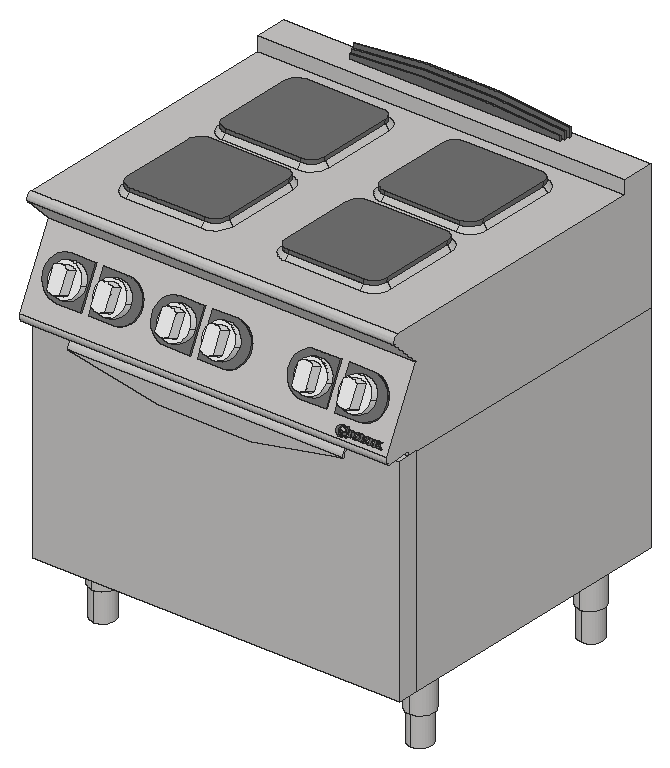
Revit family "QF_GIORIK_CE74QE", category Specialty Equipment, Revit 2014
Parameters (values of type "CE74QE")
  Weight in Pounds = 286.6006
  Watts = 16400 W
  Volts = 400 V
  URL Cutsheet = "www.giorik.com"
  URL = "www.giorik.com"
  Status [instance] = ""
  Specification by User [instance] = ""
  Specification by Manufacturer = ""
  Show Logo [instance] = yes
  Show Clearance [instance] = yes
  Serial Number = ""
  Seismic Rating = ""
  SMACNA No = ""
  Revision Code [instance] = ""
  Phase = 3
  Number of Poles [instance] = 3
  NAFEM Spec ID Number = ""
  Model = "CE74QE"
  Min Ckt Ampacity = 0 A
  Max Overcurrent Protection = 0 A
  Masterspec = ""
  Manufacturer = "GIORIK"
  Item Number [instance] = ""
  Installed By [instance] = ""
  Identify Quantity as Lot [instance] = no
  HP = "21.992728000000"
  Furnished By [instance] = ""
  Foodservice Equipment Identifier [instance] = yes
  FL Amps = 0 A
  Electrical Remarks [instance] = ""
  Electric Connection Type [instance] = ""
  Elec Conn RI Height [instance] = 0 mm
  Elec Conn Connection Height [instance] = 150 mm
  Description = "4 ELECTRIC SQUARE PLATE HOB ON ELECTRIC OVEN"
  Cycle = 50 Hz
  Conn Plug = ""
  CSI MasterFormat = ""
  Assembly Code = "E1090320"
  Apparent Power = 16400 VA
Reference planes
  plane 1 "Back": y = 0
  plane 2: z = 0
  plane 3 "Left": x = 0
  plane 4 "Right": x = 800
  plane 5 "Front": y = -720
  plane 6 "Top": z = 900
Forms (mm)
  Extrusion 1, solid, visible <- "Show Logo"
    sketch origin (591.604, -736.761, 609.486) x (-1, 0, 0) y (0, 0.452718, 0.891654)
      loop
        line (-118.824, 58.358) -> (-127.804, 58.358) -> (-125.523, 56.445) -> (-125.523, 48.027) -> (-127.804, 46.113) -> (-118.824, 46.113) -> (-121.105, 48.027) -> (-121.105, 56.445) -> (-118.824, 58.358)
      loop
        line (-163.721, 58.358) -> (-172.7, 58.358) -> (-170.42, 56.445) -> (-170.42, 48.027) -> (-172.7, 46.113) -> (-163.721, 46.113) -> (-166.001, 48.027) -> (-166.001, 56.445) -> (-163.721, 58.358)
      loop
        line (-174.332, 58.358) -> (-183.312, 58.358) -> (-181.031, 56.445) -> (-181.031, 52.435) -> (-186.419, 56.955) -> (-184.416, 58.358) -> (-191.268, 58.358) -> (-188.01, 56.839) -> (-185.455, 54.283) -> (-190.846, 47.858) -> (-193.396, 46.93) -> (-193.396, 46.113) -> (-184.416, 46.113) -> (-185.437, 47.571) -> (-182.443, 51.552) -> (-181.031, 50.894) -> (-181.031, 48.027) -> (-183.312, 46.113) -> (-174.332, 46.113) -> (-176.613, 48.027) -> (-176.613, 56.445) -> (-174.332, 58.358)
      loop
        line (-115.429, 62.063) -> (-115.429, 54.198)
        arc (-115.429, 54.198) -> (-111.618, 57.803) -> (-106.847, 59.986) r 16.039
        arc (-106.847, 59.986) -> (-103.314, 59.837) -> (-100.512, 57.68) r 5.851
        arc (-100.512, 57.68) -> (-98.815, 52.267) -> (-100.512, 46.853) r 9.479
        arc (-100.512, 46.853) -> (-102.406, 44.986) -> (-104.846, 43.93) r 7.236
        arc (-104.846, 43.93) -> (-107.728, 44.111) -> (-110.052, 45.825) r 5.11
        line (-110.052, 45.825) -> (-110.052, 52.001) -> (-116.141, 52.001) -> (-116.141, 45.503) -> (-117.893, 43.751) -> (-114.094, 44.769)
        arc (-114.094, 44.769) -> (-112.56, 44.947) -> (-111.129, 44.366) r 3.115
        arc (-111.129, 44.366) -> (-104.216, 42.091) -> (-97.303, 44.366) r 11.641
        arc (-97.303, 44.366) -> (-93.396, 52.107) -> (-97.303, 59.849) r 9.622
        arc (-97.303, 59.849) -> (-104.369, 62.174) -> (-111.435, 59.849) r 11.898
        line (-111.435, 59.849) -> (-115.429, 62.063)
      loop
        arc (-129.234, 56.068) -> (-135.893, 58.628) -> (-142.552, 56.068) r 9.941
        arc (-142.552, 56.068) -> (-144.234, 52.286) -> (-142.552, 48.505) r 5.093
        arc (-142.552, 48.505) -> (-135.893, 45.945) -> (-129.234, 48.505) r 9.941
        arc (-129.234, 48.505) -> (-127.552, 52.286) -> (-129.234, 56.068) r 5.093
      loop
        arc (-132.628, 54.403) -> (-135.893, 57.668) -> (-139.158, 54.403) r 3.265
        line (-139.158, 54.403) -> (-139.158, 50.169)
        arc (-139.158, 50.169) -> (-135.893, 46.904) -> (-132.628, 50.169) r 3.265
        line (-132.628, 50.169) -> (-132.628, 54.403)
      loop
        arc (-156.363, 58.365) -> (-159.647, 55.081) -> (-156.363, 51.796) r 3.285
        line (-156.363, 51.796) -> (-159.529, 47.306) -> (-162.087, 46.113) -> (-155.847, 46.113) -> (-153.529, 51.083) -> (-150.637, 51.083) -> (-150.637, 47.784) -> (-153.022, 46.113) -> (-144.011, 46.113) -> (-146.094, 47.68) -> (-146.094, 56.493) -> (-144.229, 58.365) -> (-156.363, 58.365)
      loop
        line (-150.637, 57.512) -> (-153.637, 57.512)
        arc (-153.637, 57.512) -> (-156.237, 54.912) -> (-153.637, 52.312) r 2.6
        line (-153.637, 52.312) -> (-150.637, 52.312) -> (-150.637, 57.512)
      loop
        line (-108.924, 52.001) -> (-104.936, 49.005) -> (-100.948, 52.001) -> (-108.924, 52.001)
    from 1.5 to -0.5
  Extrusion 2, solid
    sketch origin (-16, 1025.81, 0) x (1, 0, 0) y (0, 1, 0)
      loop
        line (25, -1086.81) -> (25, -1156.81) -> (115, -1156.81) -> (115, -1086.81) -> (25, -1086.81)
    from 148 to 150
  Extrusion 3, solid
    sketch origin (-4, 0, 130) x (1, 0, 0) y (0, 1, 0)
      loop
        circle (54, -385) r 12.5
    from 0 to 20
  Extrusion 4, solid
    sketch origin (0, 1000, -20) x (0, 1, 0) y (0, 0, 1)
      loop
        line (-1000, 919.988) -> (-1070, 919.988) -> (-1070, 889.988) -> (-1688.806, 889.988)
        arc (-1688.806, 889.988) -> (-1699.151, 883.075) -> (-1696.724, 870.873) r 11.197
        line (-1696.724, 870.873) -> (-1640.876, 815.025) -> (-1718.948, 661.258)
        arc (-1718.948, 661.258) -> (-1718.233, 650.105) -> (-1708.118, 645.354) r 10.981
        line (-1708.118, 645.354) -> (-1660, 649.925) -> (-1660, 640) -> (-1000, 640) -> (-1000, 919.988)
    from 0 to 800
  Extrusion 5, solid
    sketch origin (0, 0, 599.536) x (1, 0, 0) y (0, 1, 0)
      loop
        line (0, -640) -> (40, -640) -> (40, -40) -> (760, -40) -> (760, -640) -> (800, -640) -> (800, 0) -> (0, 0) -> (0, -640)
    from -449.536 to 20.464
  Extrusion 6, solid
    sketch origin (0, 0, 0) x (1, 0, 0) y (0, 1, 0)
      loop
        line (40, -40) -> (40, -640) -> (760, -640) -> (760, -40) -> (40, -40)
    from 150 to 190
  Extrusion 7, solid
    sketch origin (-16, 560.81, 0) x (1, 0, 0) y (0, 1, 0)
      loop
        line (25, -1086.81) -> (25, -1156.81) -> (115, -1156.81) -> (115, -1086.81) -> (25, -1086.81)
    from 148 to 150
  Revolve 8, solid
    sketch origin (54, 560.81, 0) x (0, 1, 0) y (0, 0, 1)
      loop
        line (-1092.56, 66) -> (-1092.56, 148) -> (-1121.81, 148) -> (-1121.81, 0) -> (-1096.81, 0) -> (-1096.81, 66) -> (-1092.56, 66)
      axis (-1121.81, 0) -> (-1121.81, 148)
    angle from 0 to 360
  Revolve 9, solid
    sketch origin (54, 1025.81, 0) x (0, 1, 0) y (0, 0, 1)
      loop
        line (-1092.56, 66) -> (-1092.56, 148) -> (-1121.81, 148) -> (-1121.81, 0) -> (-1096.81, 0) -> (-1096.81, 66) -> (-1092.56, 66)
      axis (-1121.81, 0) -> (-1121.81, 148)
    angle from 0 to 360
  Extrusion 10, solid
    sketch origin (816, 560.81, 0) x (-1, 0, 0) y (0, -1, 0)
      loop
        line (25, 1086.81) -> (115, 1086.81) -> (115, 1156.81) -> (25, 1156.81) -> (25, 1086.81)
    from 148 to 150
  Revolve 11, solid
    sketch origin (746, 560.81, 0) x (0, 1, 0) y (0, 0, -1)
      loop
        line (-1092.56, -66) -> (-1096.81, -66) -> (-1096.81, 0) -> (-1121.81, 0) -> (-1121.81, -148) -> (-1092.56, -148) -> (-1092.56, -66)
      axis (-1121.81, 0) -> (-1121.81, -148)
    angle from 0 to 360
  Extrusion 12, solid
    sketch origin (816, -1217.81, 0) x (-1, 0, 0) y (0, -1, 0)
      loop
        line (25, -1086.81) -> (25, -1156.81) -> (115, -1156.81) -> (115, -1086.81) -> (25, -1086.81)
    from 148 to 150
  Revolve 13, solid
    sketch origin (746, -1217.81, 0) x (0, -1, 0) y (0, 0, 1)
      loop
        line (-1092.56, 66) -> (-1092.56, 148) -> (-1121.81, 148) -> (-1121.81, 0) -> (-1096.81, 0) -> (-1096.81, 66) -> (-1092.56, 66)
      axis (-1121.81, 0) -> (-1121.81, 148)
    angle from 0 to 360
  Extrusion 14, solid
    sketch origin (-344.488, -963.345, 52.363) x (1, 0, 0) y (0, 0.452718, 0.891654)
      loop
        line (463.221, 676.25) -> (463.221, 766.25) -> (409.698, 766.25)
        arc (409.698, 766.25) -> (364.698, 721.25) -> (409.698, 676.25) r 45
        line (409.698, 676.25) -> (463.221, 676.25)
    from 48 to 50
  Extrusion 15, solid
    sketch origin (430.064, -1008.697, 74.959) x (-1, 0, 0) y (0, -0.45351, -0.891251)
      loop
        circle (351.331, -721.346) r 35
    from 0 to 15
  Extrusion 16, solid
    sketch origin (430.064, -1008.697, 74.959) x (-1, 0, 0) y (0, -0.45351, -0.891251)
      loop
        arc (336.331, -743.846) -> (351.331, -748.846) -> (366.331, -743.846) r 25
        line (366.331, -743.846) -> (366.331, -698.846)
        arc (366.331, -698.846) -> (351.331, -693.846) -> (336.331, -698.846) r 25
        line (336.331, -698.846) -> (336.331, -743.846)
    from 15 to 40
  Extrusion 17, solid
    sketch origin (599.488, -963.345, 52.363) x (-1, 0, 0) y (0, -0.452718, -0.891654)
      loop
        line (463.221, -676.25) -> (409.698, -676.25)
        arc (409.698, -676.25) -> (364.698, -721.25) -> (409.698, -766.25) r 45
        line (409.698, -766.25) -> (463.221, -766.25) -> (463.221, -676.25)
    from 48 to 50
  Extrusion 18, solid
    sketch origin (-175.064, -1008.697, 74.959) x (1, 0, 0) y (0, 0.45351, 0.891251)
      loop
        circle (351.331, 721.346) r 35
    from 0 to 15
  Extrusion 19, solid
    sketch origin (-175.064, -1008.697, 74.959) x (1, 0, 0) y (0, 0.45351, 0.891251)
      loop
        line (336.331, 743.846) -> (336.331, 698.846)
        arc (336.331, 698.846) -> (351.331, 693.846) -> (366.331, 698.846) r 25
        line (366.331, 698.846) -> (366.331, 743.846)
        arc (366.331, 743.846) -> (351.331, 748.846) -> (336.331, 743.846) r 25
    from 15 to 40
  Extrusion 20, solid
    sketch origin (-106.953, -963.345, 52.363) x (1, 0, 0) y (0, 0.452718, 0.891654)
      loop
        line (463.221, 676.25) -> (463.221, 766.25) -> (409.698, 766.25)
        arc (409.698, 766.25) -> (364.698, 721.25) -> (409.698, 676.25) r 45
        line (409.698, 676.25) -> (463.221, 676.25)
    from 48 to 50
  Extrusion 21, solid
    sketch origin (667.599, -1008.697, 74.959) x (-1, 0, 0) y (0, -0.45351, -0.891251)
      loop
        circle (351.331, -721.346) r 35
    from 0 to 15
  Extrusion 22, solid
    sketch origin (667.599, -1008.697, 74.959) x (-1, 0, 0) y (0, -0.45351, -0.891251)
      loop
        arc (336.331, -743.846) -> (351.331, -748.846) -> (366.331, -743.846) r 25
        line (366.331, -743.846) -> (366.331, -698.846)
        arc (366.331, -698.846) -> (351.331, -693.846) -> (336.331, -698.846) r 25
        line (336.331, -698.846) -> (336.331, -743.846)
    from 15 to 40
  Extrusion 23, solid
    sketch origin (837.023, -963.345, 52.363) x (-1, 0, 0) y (0, -0.452718, -0.891654)
      loop
        line (463.221, -676.25) -> (409.698, -676.25)
        arc (409.698, -676.25) -> (364.698, -721.25) -> (409.698, -766.25) r 45
        line (409.698, -766.25) -> (463.221, -766.25) -> (463.221, -676.25)
    from 48 to 50
  Extrusion 24, solid
    sketch origin (62.471, -1008.697, 74.959) x (1, 0, 0) y (0, 0.45351, 0.891251)
      loop
        circle (351.331, 721.346) r 35
    from 0 to 15
  Extrusion 25, solid
    sketch origin (62.471, -1008.697, 74.959) x (1, 0, 0) y (0, 0.45351, 0.891251)
      loop
        line (336.331, 743.846) -> (336.331, 698.846)
        arc (336.331, 698.846) -> (351.331, 693.846) -> (366.331, 698.846) r 25
        line (366.331, 698.846) -> (366.331, 743.846)
        arc (366.331, 743.846) -> (351.331, 748.846) -> (336.331, 743.846) r 25
    from 15 to 40
  Extrusion 26, solid
    sketch origin (36.031, 0, -10.001) x (1, 0, 0) y (0, 0, 1)
      loop
        line (135, 909.989) -> (592.969, 909.989) -> (592.969, 919.989) -> (440.969, 929.989) -> (287, 929.989) -> (135, 919.989) -> (135, 909.989)
    from 32 to 35
  Extrusion 27, solid
    sketch origin (38, 10, -10.001) x (1, 0, 0) y (0, 0, 1)
      loop
        line (594, 909.989) -> (594, 924.989) -> (440, 937.489) -> (284, 937.489) -> (130, 925.001) -> (130, 909.989) -> (594, 909.989)
    from 32 to 35
  Extrusion 28, solid
    sketch origin (40, 20, -10.001) x (1, 0, 0) y (0, 0, 1)
      loop
        line (595, 909.989) -> (595, 930.001) -> (439, 945.258) -> (281, 945.258) -> (125, 929.989) -> (125, 909.989) -> (595, 909.989)
    from 32 to 35
  Extrusion 29, solid
    sketch origin (0, -725, 0) x (1, 0, 0) y (0, 0, 1)
      loop
        line (0, 620) -> (0, 150) -> (800, 150) -> (800, 620) -> (0, 620)
    from -85 to -40
  Extrusion 30, solid
    sketch origin (2.5, -725, -20.1) x (0, 1, 0) y (0, 0, 1)
      loop
        arc (25, 640.1) -> (14.393, 635.707) -> (10, 625.1) r 15
        line (10, 625.1) -> (12, 625.1)
        arc (12, 625.1) -> (15.808, 634.292) -> (25, 638.1) r 13
        line (25, 638.1) -> (40, 638.1) -> (40, 640.1) -> (25, 640.1)
    from 97.5 to 697.5
  Extrusion 31, solid
    sketch origin (2.5, -724.905, -20.1) x (1, 0, 0) y (0, 0, 1)
      loop
        arc (97.5, 625.1) -> (397.5, 582.413) -> (697.5, 625.1) r 1075.531
        line (697.5, 625.1) -> (97.5, 625.1)
    from -11.905 to -9.905
  Extrusion 32, solid, visible <- "Show Clearance", detail levels coarse
    sketch origin (0, 0, 0) x (0, 1, 0) y (0, 0, 1)
      loop
        line (-685, 150) -> (-685, 620)
        arc (-685, 620) -> (-1017.34, 482.34) -> (-1155, 150) r 470
        line (-1155, 150) -> (-685, 150)
    from 0 to 800
  Extrusion 33, solid
    sketch origin (383.002, 2.5, 864.988) x (0, 1, 0) y (-1, 0, 0)
      loop
        arc (-121.5, -108) -> (-129.701, -88.201) -> (-149.5, -80) r 28
        line (-149.5, -80) -> (-313.5, -80)
        arc (-313.5, -80) -> (-333.299, -88.201) -> (-341.5, -108) r 28
        line (-341.5, -108) -> (-341.5, -271.998)
        arc (-341.5, -271.998) -> (-333.299, -291.797) -> (-313.5, -299.998) r 28
        line (-313.5, -299.998) -> (-149.5, -299.998)
        arc (-149.5, -299.998) -> (-129.701, -291.797) -> (-121.5, -271.998) r 28
        line (-121.5, -271.998) -> (-121.5, -108)
    from 23 to 15
  Blend 34, solid
    base sketch origin (1127.362, -820.004, 869.988) x (0, 1, 0) y (-1, 0, 0)
      loop
        arc (710.004, 636.36) -> (699.167, 662.523) -> (673.004, 673.36) r 37
        line (673.004, 673.36) -> (509.004, 673.36)
        arc (509.004, 673.36) -> (482.841, 662.523) -> (472.004, 636.36) r 37
        line (472.004, 636.36) -> (472.004, 472.362)
        arc (472.004, 472.362) -> (482.841, 446.199) -> (509.004, 435.362) r 37
        line (509.004, 435.362) -> (673.004, 435.362)
        arc (673.004, 435.362) -> (699.167, 446.199) -> (710.004, 472.362) r 37
        line (710.004, 472.362) -> (710.004, 636.36)
    top sketch origin (1127.362, -820.004, 900) x (0, 1, 0) y (-1, 0, 0)
      loop
        arc (701.004, 636.36) -> (692.803, 656.159) -> (673.004, 664.36) r 28
        line (673.004, 664.36) -> (509.004, 664.36)
        arc (509.004, 664.36) -> (489.205, 656.159) -> (481.004, 636.36) r 28
        line (481.004, 636.36) -> (481.004, 472.362)
        arc (481.004, 472.362) -> (489.205, 452.563) -> (509.004, 444.362) r 28
        line (509.004, 444.362) -> (673.004, 444.362)
        arc (673.004, 444.362) -> (692.803, 452.563) -> (701.004, 472.362) r 28
        line (701.004, 472.362) -> (701.004, 636.36)
    from 0 to -20.012
  Extrusion 35, solid
    sketch origin (383.002, -722.5, 864.988) x (0, -1, 0) y (1, 0, 0)
      loop
        line (-121.5, 108) -> (-121.5, 271.998)
        arc (-121.5, 271.998) -> (-129.701, 291.797) -> (-149.5, 299.998) r 28
        line (-149.5, 299.998) -> (-313.5, 299.998)
        arc (-313.5, 299.998) -> (-333.299, 291.797) -> (-341.5, 271.998) r 28
        line (-341.5, 271.998) -> (-341.5, 108)
        arc (-341.5, 108) -> (-333.299, 88.201) -> (-313.5, 80) r 28
        line (-313.5, 80) -> (-149.5, 80)
        arc (-149.5, 80) -> (-129.701, 88.201) -> (-121.5, 108) r 28
    from 23 to 15
  Blend 36, solid
    base sketch origin (1127.362, 100.004, 869.988) x (0, -1, 0) y (1, 0, 0)
      loop
        line (710.004, -636.36) -> (710.004, -472.362)
        arc (710.004, -472.362) -> (699.167, -446.199) -> (673.004, -435.362) r 37
        line (673.004, -435.362) -> (509.004, -435.362)
        arc (509.004, -435.362) -> (482.841, -446.199) -> (472.004, -472.362) r 37
        line (472.004, -472.362) -> (472.004, -636.36)
        arc (472.004, -636.36) -> (482.841, -662.523) -> (509.004, -673.36) r 37
        line (509.004, -673.36) -> (673.004, -673.36)
        arc (673.004, -673.36) -> (699.167, -662.523) -> (710.004, -636.36) r 37
    top sketch origin (1127.362, 100.004, 900) x (0, -1, 0) y (1, 0, 0)
      loop
        line (701.004, -636.36) -> (701.004, -472.362)
        arc (701.004, -472.362) -> (692.803, -452.563) -> (673.004, -444.362) r 28
        line (673.004, -444.362) -> (509.004, -444.362)
        arc (509.004, -444.362) -> (489.205, -452.563) -> (481.004, -472.362) r 28
        line (481.004, -472.362) -> (481.004, -636.36)
        arc (481.004, -636.36) -> (489.205, -656.159) -> (509.004, -664.36) r 28
        line (509.004, -664.36) -> (673.004, -664.36)
        arc (673.004, -664.36) -> (692.803, -656.159) -> (701.004, -636.36) r 28
    from 0 to -20.012
  Extrusion 37, solid
    sketch origin (416.998, 2.5, 864.988) x (0, 1, 0) y (-1, 0, 0)
      loop
        line (-121.5, 108) -> (-121.5, 271.998)
        arc (-121.5, 271.998) -> (-129.701, 291.797) -> (-149.5, 299.998) r 28
        line (-149.5, 299.998) -> (-313.5, 299.998)
        arc (-313.5, 299.998) -> (-333.299, 291.797) -> (-341.5, 271.998) r 28
        line (-341.5, 271.998) -> (-341.5, 108)
        arc (-341.5, 108) -> (-333.299, 88.201) -> (-313.5, 80) r 28
        line (-313.5, 80) -> (-149.5, 80)
        arc (-149.5, 80) -> (-129.701, 88.201) -> (-121.5, 108) r 28
    from 23 to 15
  Blend 38, solid
    base sketch origin (-327.362, -820.004, 869.988) x (0, 1, 0) y (-1, 0, 0)
      loop
        line (710.004, -636.36) -> (710.004, -472.362)
        arc (710.004, -472.362) -> (699.167, -446.199) -> (673.004, -435.362) r 37
        line (673.004, -435.362) -> (509.004, -435.362)
        arc (509.004, -435.362) -> (482.841, -446.199) -> (472.004, -472.362) r 37
        line (472.004, -472.362) -> (472.004, -636.36)
        arc (472.004, -636.36) -> (482.841, -662.523) -> (509.004, -673.36) r 37
        line (509.004, -673.36) -> (673.004, -673.36)
        arc (673.004, -673.36) -> (699.167, -662.523) -> (710.004, -636.36) r 37
    top sketch origin (-327.362, -820.004, 900) x (0, 1, 0) y (-1, 0, 0)
      loop
        line (701.004, -636.36) -> (701.004, -472.362)
        arc (701.004, -472.362) -> (692.803, -452.563) -> (673.004, -444.362) r 28
        line (673.004, -444.362) -> (509.004, -444.362)
        arc (509.004, -444.362) -> (489.205, -452.563) -> (481.004, -472.362) r 28
        line (481.004, -472.362) -> (481.004, -636.36)
        arc (481.004, -636.36) -> (489.205, -656.159) -> (509.004, -664.36) r 28
        line (509.004, -664.36) -> (673.004, -664.36)
        arc (673.004, -664.36) -> (692.803, -656.159) -> (701.004, -636.36) r 28
    from 0 to -20.012
  Extrusion 39, solid
    sketch origin (416.998, -722.5, 864.988) x (0, -1, 0) y (1, 0, 0)
      loop
        arc (-121.5, -108) -> (-129.701, -88.201) -> (-149.5, -80) r 28
        line (-149.5, -80) -> (-313.5, -80)
        arc (-313.5, -80) -> (-333.299, -88.201) -> (-341.5, -108) r 28
        line (-341.5, -108) -> (-341.5, -271.998)
        arc (-341.5, -271.998) -> (-333.299, -291.797) -> (-313.5, -299.998) r 28
        line (-313.5, -299.998) -> (-149.5, -299.998)
        arc (-149.5, -299.998) -> (-129.701, -291.797) -> (-121.5, -271.998) r 28
        line (-121.5, -271.998) -> (-121.5, -108)
    from 23 to 15
  Blend 40, solid
    base sketch origin (-327.362, 100.004, 869.988) x (0, -1, 0) y (1, 0, 0)
      loop
        arc (710.004, 636.36) -> (699.167, 662.523) -> (673.004, 673.36) r 37
        line (673.004, 673.36) -> (509.004, 673.36)
        arc (509.004, 673.36) -> (482.841, 662.523) -> (472.004, 636.36) r 37
        line (472.004, 636.36) -> (472.004, 472.362)
        arc (472.004, 472.362) -> (482.841, 446.199) -> (509.004, 435.362) r 37
        line (509.004, 435.362) -> (673.004, 435.362)
        arc (673.004, 435.362) -> (699.167, 446.199) -> (710.004, 472.362) r 37
        line (710.004, 472.362) -> (710.004, 636.36)
    top sketch origin (-327.362, 100.004, 900) x (0, -1, 0) y (1, 0, 0)
      loop
        arc (701.004, 636.36) -> (692.803, 656.159) -> (673.004, 664.36) r 28
        line (673.004, 664.36) -> (509.004, 664.36)
        arc (509.004, 664.36) -> (489.205, 656.159) -> (481.004, 636.36) r 28
        line (481.004, 636.36) -> (481.004, 472.362)
        arc (481.004, 472.362) -> (489.205, 452.563) -> (509.004, 444.362) r 28
        line (509.004, 444.362) -> (673.004, 444.362)
        arc (673.004, 444.362) -> (692.803, 452.563) -> (701.004, 472.362) r 28
        line (701.004, 472.362) -> (701.004, 636.36)
    from 0 to -20.012
  Extrusion 41, solid
    sketch origin (190.581, -963.345, 52.363) x (1, 0, 0) y (0, 0.452718, 0.891654)
      loop
        line (463.221, 676.25) -> (463.221, 766.25) -> (409.698, 766.25)
        arc (409.698, 766.25) -> (364.698, 721.25) -> (409.698, 676.25) r 45
        line (409.698, 676.25) -> (463.221, 676.25)
    from 48 to 50
  Extrusion 42, solid
    sketch origin (965.133, -1008.697, 74.959) x (-1, 0, 0) y (0, -0.45351, -0.891251)
      loop
        circle (351.331, -721.346) r 35
    from 0 to 15
  Extrusion 43, solid
    sketch origin (965.133, -1008.697, 74.959) x (-1, 0, 0) y (0, -0.45351, -0.891251)
      loop
        arc (336.331, -743.846) -> (351.331, -748.846) -> (366.331, -743.846) r 25
        line (366.331, -743.846) -> (366.331, -698.846)
        arc (366.331, -698.846) -> (351.331, -693.846) -> (336.331, -698.846) r 25
        line (336.331, -698.846) -> (336.331, -743.846)
    from 15 to 40
  Extrusion 44, solid
    sketch origin (1134.557, -963.345, 52.363) x (-1, 0, 0) y (0, -0.452718, -0.891654)
      loop
        line (463.221, -676.25) -> (409.698, -676.25)
        arc (409.698, -676.25) -> (364.698, -721.25) -> (409.698, -766.25) r 45
        line (409.698, -766.25) -> (463.221, -766.25) -> (463.221, -676.25)
    from 48 to 50
  Extrusion 45, solid
    sketch origin (360.005, -1008.697, 74.959) x (1, 0, 0) y (0, 0.45351, 0.891251)
      loop
        circle (351.331, 721.346) r 35
    from 0 to 15
  Extrusion 46, solid
    sketch origin (360.005, -1008.697, 74.959) x (1, 0, 0) y (0, 0.45351, 0.891251)
      loop
        line (336.331, 743.846) -> (336.331, 698.846)
        arc (336.331, 698.846) -> (351.331, 693.846) -> (366.331, 698.846) r 25
        line (366.331, 698.846) -> (366.331, 743.846)
        arc (366.331, 743.846) -> (351.331, 748.846) -> (336.331, 743.846) r 25
    from 15 to 40
Lines and regions (mm)
  symbolic lines, style "200-EquipBorder-2D"
    curve 1: line (0, -720, 0) -> (800, -720, 0)
    curve 2: line (800, -720, 0) -> (800, 0, 0)
    curve 3: line (800, 0, 0) -> (0, 0, 0)
    curve 4: line (0, 0, 0) -> (0, -720, 0)
  symbolic lines, style "200-EquipInternal-2D"
    curve 5: line (165, -12, 900) -> (635, -12, 900)
    curve 6: line (635, -12, 900) -> (635, -15, 900)
    curve 7: line (635, -15, 900) -> (165, -15, 900)
    curve 8: line (165, -15, 900) -> (165, -12, 900)
    curve 9: line (168, -22, 900) -> (632, -22, 900)
    curve 10: line (632, -22, 900) -> (632, -25, 900)
    curve 11: line (632, -25, 900) -> (168, -25, 900)
    curve 12: line (168, -25, 900) -> (168, -22, 900)
    curve 13: line (171.031, -32, 900) -> (629, -32, 900)
    curve 14: line (629, -32, 900) -> (629, -35, 900)
    curve 15: line (629, -35, 900) -> (171.031, -35, 900)
    curve 16: line (171.031, -35, 900) -> (171.031, -32, 900)
    curve 20: line (655, -119, 0) -> (491.002, -119, 0)
    curve 21: arc (683, -147, 0) -> (674.799, -127.201, 0) -> (655, -119, 0) r 28
    curve 22: line (683, -311, 0) -> (683, -147, 0)
    curve 23: arc (655, -339, 0) -> (674.799, -330.799, 0) -> (683, -311, 0) r 28
    curve 24: line (491.002, -339, 0) -> (655, -339, 0)
    curve 25: arc (463.002, -311, 0) -> (471.203, -330.799, 0) -> (491.002, -339, 0) r 28
    curve 26: line (463.002, -147, 0) -> (463.002, -311, 0)
    curve 27: arc (491.002, -119, 0) -> (471.203, -127.201, 0) -> (463.002, -147, 0) r 28
    curve 28: arc (491.002, -110, 0) -> (464.839, -120.837, 0) -> (454.002, -147, 0) r 37
    curve 29: line (655, -110, 0) -> (491.002, -110, 0)
    curve 30: arc (692, -147, 0) -> (681.163, -120.837, 0) -> (655, -110, 0) r 37
    curve 31: line (692, -311, 0) -> (692, -147, 0)
    curve 32: arc (655, -348, 0) -> (681.163, -337.163, 0) -> (692, -311, 0) r 37
    curve 33: line (491.002, -348, 0) -> (655, -348, 0)
    curve 34: arc (454.002, -311, 0) -> (464.839, -337.163, 0) -> (491.002, -348, 0) r 37
    curve 35: line (454.002, -147, 0) -> (454.002, -311, 0)
    curve 36: line (655, -601, 0) -> (491.002, -601, 0)
    curve 37: arc (683, -573, 0) -> (674.799, -592.799, 0) -> (655, -601, 0) r 28
    curve 38: line (683, -409, 0) -> (683, -573, 0)
    curve 39: arc (655, -381, 0) -> (674.799, -389.201, 0) -> (683, -409, 0) r 28
    curve 40: line (491.002, -381, 0) -> (655, -381, 0)
    curve 41: arc (463.002, -409, 0) -> (471.203, -389.201, 0) -> (491.002, -381, 0) r 28
    curve 42: line (463.002, -573, 0) -> (463.002, -409, 0)
    curve 43: arc (491.002, -601, 0) -> (471.203, -592.799, 0) -> (463.002, -573, 0) r 28
    curve 44: arc (491.002, -610, 0) -> (464.839, -599.163, 0) -> (454.002, -573, 0) r 37
    curve 45: line (655, -610, 0) -> (491.002, -610, 0)
    curve 46: arc (692, -573, 0) -> (681.163, -599.163, 0) -> (655, -610, 0) r 37
    curve 47: line (692, -409, 0) -> (692, -573, 0)
    curve 48: arc (655, -372, 0) -> (681.163, -382.837, 0) -> (692, -409, 0) r 37
    curve 49: line (491.002, -372, 0) -> (655, -372, 0)
    curve 50: arc (454.002, -409, 0) -> (464.839, -382.837, 0) -> (491.002, -372, 0) r 37
    curve 51: line (454.002, -573, 0) -> (454.002, -409, 0)
    curve 52: line (0, -70, 900) -> (800, -70, 900)
    curve 53: line (145, -119, 0) -> (308.998, -119, 0)
    curve 54: arc (117, -147, 0) -> (125.201, -127.201, 0) -> (145, -119, 0) r 28
    curve 55: line (117, -311, 0) -> (117, -147, 0)
    curve 56: arc (145, -339, 0) -> (125.201, -330.799, 0) -> (117, -311, 0) r 28
    curve 57: line (308.998, -339, 0) -> (145, -339, 0)
    curve 58: arc (336.998, -311, 0) -> (328.797, -330.799, 0) -> (308.998, -339, 0) r 28
    curve 59: line (336.998, -147, 0) -> (336.998, -311, 0)
    curve 60: arc (308.998, -119, 0) -> (328.797, -127.201, 0) -> (336.998, -147, 0) r 28
    curve 61: arc (308.998, -110, 0) -> (335.161, -120.837, 0) -> (345.998, -147, 0) r 37
    curve 62: line (145, -110, 0) -> (308.998, -110, 0)
    curve 63: arc (108, -147, 0) -> (118.837, -120.837, 0) -> (145, -110, 0) r 37
    curve 64: line (108, -311, 0) -> (108, -147, 0)
    curve 65: arc (145, -348, 0) -> (118.837, -337.163, 0) -> (108, -311, 0) r 37
    curve 66: line (308.998, -348, 0) -> (145, -348, 0)
    curve 67: arc (345.998, -311, 0) -> (335.161, -337.163, 0) -> (308.998, -348, 0) r 37
    curve 68: line (345.998, -147, 0) -> (345.998, -311, 0)
    curve 69: line (145, -601, 0) -> (308.998, -601, 0)
    curve 70: arc (117, -573, 0) -> (125.201, -592.799, 0) -> (145, -601, 0) r 28
    curve 71: line (117, -409, 0) -> (117, -573, 0)
    curve 72: arc (145, -381, 0) -> (125.201, -389.201, 0) -> (117, -409, 0) r 28
    curve 73: line (308.998, -381, 0) -> (145, -381, 0)
    curve 74: arc (336.998, -409, 0) -> (328.797, -389.201, 0) -> (308.998, -381, 0) r 28
    curve 75: line (336.998, -573, 0) -> (336.998, -409, 0)
    curve 76: arc (308.998, -601, 0) -> (328.797, -592.799, 0) -> (336.998, -573, 0) r 28
    curve 77: arc (308.998, -610, 0) -> (335.161, -599.163, 0) -> (345.998, -573, 0) r 37
    curve 78: line (145, -610, 0) -> (308.998, -610, 0)
    curve 79: arc (108, -573, 0) -> (118.837, -599.163, 0) -> (145, -610, 0) r 37
    curve 80: line (108, -409, 0) -> (108, -573, 0)
    curve 81: arc (145, -372, 0) -> (118.837, -382.837, 0) -> (108, -409, 0) r 37
    curve 82: line (308.998, -372, 0) -> (145, -372, 0)
    curve 83: arc (345.998, -409, 0) -> (335.161, -382.837, 0) -> (308.998, -372, 0) r 37
    curve 84: line (345.998, -573, 0) -> (345.998, -409, 0)
  symbolic lines, style "QF_Door-Drawer Clearances", visible <- "Show Clearance", detail levels coarse
    curve 17: line (0, -720, 0) -> (0, -1155, 0)
    curve 18: line (0, -1155, 900) -> (800, -1155, 900)
    curve 19: line (800, -1155, 900) -> (800, -720, 900)
Dimensions and locks
  plane 3 "Left" to plane 4 "Right" = 800 mm
  plane 5 "Front" to plane 1 "Back" = 720 mm
  plane 4 "Right" to plane 3 "Left" = 800 mm
  plane 1 "Back" to plane 5 "Front" = 720 mm
  plane 6 "Top" to level = 900 mm  (x2)
  aligned and locked: level to plane 2
Connectors
  electrical at (50, -385, 130), driven by "Apparent Power", driven by "Volts", driven by "Number of Poles"
    settings: on Extrusion 3, index 1, voltage 400 V, apparent load 0 VA, apparent load phase1 16400 VA, apparent load phase2 0 VA, apparent load phase3 0 VA, power factor 1, load classification "Other", number of poles 3, system type 31, power factor state 1, is connector primary yes, connector utility no, sub classification motor no, connector description "Electrical connection"
